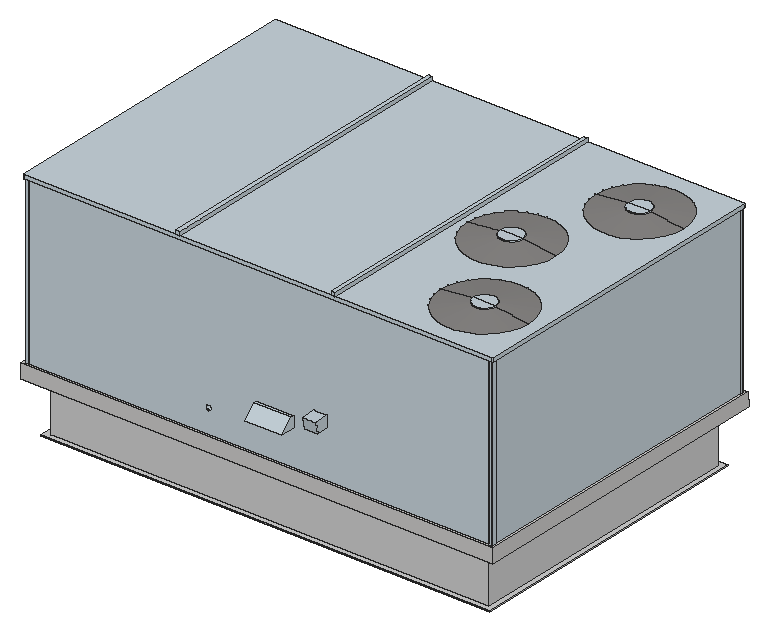
Revit family "AHU-Rooftop-Carrier-Cooling with Gas Heat-15-28 ton ss", category Mechanical Equipment, Revit 2012 (continued)
Dimensions and locks (in)
  "Grille 2 X Offset": plane 28 "base left" to plane 42 "grille 2 Y cl"
  "Grille 1 Y Offset": plane 43 "grille 1 X cl" to plane 27 "base front"
  "Grille 2 Y Offset": plane 44 "grille 2 X cl" to plane 27 "base front"
  locked: plane 38 "Top" to plane 45 "grille cover bottom" at 0.125
  "Grille Cover Radius": Revolve 7 sketch curve to Revolve 7 sketch curve
  "Grille Radius": Revolve 7 sketch curve to Revolve 7 sketch curve
  "Grille Cover Radius": Revolve 8 sketch curve to Revolve 8 sketch curve
  "Grille Radius": Revolve 8 sketch curve to Revolve 8 sketch curve
  "Grille 3 Y Offset": plane 46 "grille 3 X cl" to plane 27 "base front"
  "Grille 4 Y Offset": plane 47 "grille 4 X cl" to plane 27 "base front"
  "Grille 5 Y Offset": plane 48 "grille 5 X cl" to plane 27 "base front"
  "Grille 6 Y Offset": plane 49 "grille 6 X cl" to plane 27 "base front"
  "Grille 3 X Offset": plane 28 "base left" to plane 50 "grille 3 Y cl"
  "Grille 4 X Offset": plane 28 "base left" to plane 51 "grille 4 Y cl"
  "Grille 5 X Offset": plane 28 "base left" to plane 52 "grille 5 Y cl"
  "Grille 6 X Offset": plane 28 "base left" to plane 53 "grille 6 Y cl"
  "Grille Cover Radius": Revolve 9 sketch curve to Revolve 9 sketch curve
  "Grille Radius": Revolve 9 sketch curve to Revolve 9 sketch curve
  "Grille Cover Radius": Revolve 10 sketch curve to Revolve 10 sketch curve
  "Grille Radius": Revolve 10 sketch curve to Revolve 10 sketch curve
  "Grille Cover Radius": Revolve 11 sketch curve to Revolve 11 sketch curve
  "Grille Radius": Revolve 11 sketch curve to Revolve 11 sketch curve
  "Grille Cover Radius": Revolve 12 sketch curve to Revolve 12 sketch curve
  "Grille Radius": Revolve 12 sketch curve to Revolve 12 sketch curve
  "Curb SA X Offset": plane 54 "curb SA right" to plane 16 "curb right inside"
  "Curb RA X Offset": plane 55 "curb RA right" to plane 16 "curb right inside"
  "Curb SA Y Offset": plane 56 "curb SA front" to plane 18 "curb front inside"
  "Curb RA Y Offset": plane 17 "curb back inside" to plane 57 "curb RA back"
  equal spacing: plane 59, plane 58 "lid sopport 1cl", plane 60
  "Frame Width": plane 59 to plane 60
  "Length 3": plane 28 "base left" to plane 58 "lid sopport 1cl"
  locked: plane 61 to plane 32 "unti back" at 0.25
  locked: plane 62 to plane 33 "unit front" at 0.25
  "Length 4": plane 63 "lid support 2 cl" to plane 58 "lid sopport 1cl"
  equal spacing: plane 65, plane 63 "lid support 2 cl", plane 64
  "Frame Width": plane 65 to plane 64
  locked: plane 33 "unit front" to plane 67 at 0.25
  locked: plane 66 to plane 32 "unti back" at 0.25
  "Economizer Width Label": plane 70 "economizer back" to plane 37 "unit panel back"
  "Economizer X Offset": plane 68 "economizer right" to plane 31 "unit right"
  "Economizer Length Label": plane 69 "economizer left" to plane 68 "economizer right"
  "Economizer Z Offset Label": plane 71 "economizer top" to plane 14 "base bottom"
  "Economizer Length V": plane 74 "eco back" to plane 73 "eco front"
  "Economizer Y Offset": plane 73 "eco front" to plane 27 "base front"
  "Economizer Width V": plane 75 to plane 34 "unit left panel"
  locked: Extrusion 16 sketch curve to Extrusion 16 sketch curve at 2.5
  "Economizer Height Label": plane 76 "economizer mid" to plane 14 "base bottom"
  locked: Extrusion 15 sketch curve to Extrusion 15 sketch curve at 0.5
  locked: Extrusion 15 sketch curve to Extrusion 15 sketch curve at 3
  equal spacing: plane 79, plane 77 "lid support 3 cl", plane 78
  "Frame Width": plane 79 to plane 78
  "Length 5": plane 77 "lid support 3 cl" to plane 63 "lid support 2 cl"
  locked: plane 33 "unit front" to plane 81 at 0.25
  locked: plane 80 to plane 32 "unti back" at 0.25
  "SA X Offset Label": plane 83 "SA x" to plane 29 "base right"
  "SA Y Offset Label": plane 82 "SA y" to plane 27 "base front"
  "Length 7": plane 84 "SA bottom" to plane 14 "base bottom"
  "RA Y Offset Label": plane 86 "RA y" to plane 27 "base front"
  "RA X Offset Label": plane 85 "RA x" to plane 29 "base right"
  "Length 8": plane 87 "RA bottom" to plane 14 "base bottom"
  "Power Exhaust Offset": plane 26 "base back" to plane 90 "PE back"
  "Power Exhaust Height": plane 88 "PE top" to plane 89 "PE Bottom"
  locked: plane 89 "PE Bottom" to plane 25 "base top" at 1
  "Power Exhaust Length": plane 90 "PE back" to plane 91 "PE front"
  "Power Exhaust Width": plane 92 "PE left" to plane 28 "base left"
  "Drain Y Offset Label": plane 94 "drain y" to plane 27 "base front"
  "Drain Z Offset Label": plane 95 "drain cl" to plane 14 "base bottom"
  "Drain X Offset Label": plane 93 "drain x" to plane 29 "base right"
  locked: curve 1 to curve 1 at 5
  locked: curve 2 to curve 2 at 5.125
  "Drain Knockout Radius": curve 3 to curve 3
  locked: Extrusion 19 sketch curve to curve 3 at 0
  Extrusion 19 sketch curve to curve 3 = 0"
  "Power Z Offset": plane 96 "power cl horz" to plane 14 "base bottom"
  "Control Z Offset": plane 97 "control cl horz" to plane 14 "base bottom"
  "Control Y Offset": plane 98 "control cl vert" to plane 27 "base front"
  "Power Y Offset": plane 99 "power cl vert" to plane 27 "base front"
  "Length 9": plane 100 "seam L 1" to plane 27 "base front"
  equal spacing: plane 103, plane 101 "seam front 1", plane 102
  "Frame Width": plane 103 to plane 102
  "Length 10": plane 101 "seam front 1" to plane 28 "base left"
  equal spacing: plane 106, plane 104 "seam front 2", plane 105
  "Frame Width": plane 106 to plane 105
  "Length 11": plane 101 "seam front 1" to plane 104 "seam front 2"
  equal spacing: plane 109, plane 107 "seam front 3", plane 108
  "Frame Width": plane 109 to plane 108
  "Length 11": plane 104 "seam front 2" to plane 107 "seam front 3"
  equal spacing: plane 112, plane 110 "seam back 1", plane 111
  "Frame Width": plane 112 to plane 111
  "Length 12": plane 101 "seam front 1" to plane 110 "seam back 1"
  equal spacing: plane 36 "unit front panel", plane 113 "seam right 1", plane 115 "seam right 2", plane 37 "unit panel back"
  locked: plane 114 to plane 113 "seam right 1" at 1
  locked: plane 113 "seam right 1" to plane 116 at 1
  locked: plane 117 to plane 115 "seam right 2" at 1
  locked: plane 115 "seam right 2" to plane 118 at 1
  equal spacing: plane 119, plane 100 "seam L 1", plane 120
  "Frame Width": plane 119 to plane 120
  locked: plane 76 "economizer mid" to plane 121 at 1
  "SA Y Offset H": Masking region 2 sketch curve to plane 27 "base front"
  "Supply Air Width H": Masking region 2 sketch curve to Masking region 2 sketch curve
  locked: Masking region 2 sketch curve to Masking region 2 sketch curve at 0.625
  locked: Masking region 3 sketch curve to Masking region 3 sketch curve at 0.625
  "Supply Air Width Label 2": Masking region 3 sketch curve to Masking region 3 sketch curve
  "SA X Offset Label": Masking region 3 sketch curve to plane 29 "base right"
  "Economizer Length Label": Masking region 4 sketch curve to Masking region 4 sketch curve
  "Economizer Width Label": plane 37 "unit panel back" to Masking region 4 sketch curve
  locked: plane 30 "unit left" to Masking region 6 sketch curve at 0.25
  locked: plane 31 "unit right" to Masking region 6 sketch curve at 0.25
  locked: curve 50 to plane 31 "unit right" at 1
  locked: plane 30 "unit left" to curve 49 at 1
  "Supply Air Height H": Masking region 11 sketch curve to Masking region 11 sketch curve
  locked: Masking region 11 sketch curve to Masking region 11 sketch curve at 0.625
  "SA Z Offset": Masking region 11 sketch curve to plane 14 "base bottom"
  locked: curve 53 to Masking region 12 at 0.5
  "Grille Cover Radius": plane 41 "grille 1 Y cl" to Masking region 14 sketch curve
  "Grille Cover Radius": Masking region 14 sketch curve to plane 41 "grille 1 Y cl"
  "Grille Radius": plane 41 "grille 1 Y cl" to Masking region 14 sketch curve
  "Grille Radius": Masking region 14 sketch curve to plane 41 "grille 1 Y cl"
  "Grille Cover Radius": Masking region 15 sketch curve to plane 42 "grille 2 Y cl"
  "Grille Cover Radius": plane 42 "grille 2 Y cl" to Masking region 15 sketch curve
  "Grille Radius": plane 42 "grille 2 Y cl" to Masking region 15 sketch curve
  "Grille Radius": Masking region 15 sketch curve to plane 42 "grille 2 Y cl"
  "Grille Cover Radius": Masking region 16 sketch curve to plane 50 "grille 3 Y cl"
  "Grille Cover Radius": plane 50 "grille 3 Y cl" to Masking region 16 sketch curve
  "Grille Radius": plane 50 "grille 3 Y cl" to Masking region 16 sketch curve
  "Grille Radius": Masking region 16 sketch curve to plane 50 "grille 3 Y cl"
  locked: curve 67 to plane 33 "unit front" at 1
  locked: plane 32 "unti back" to curve 66 at 1
  locked: Masking region 19 sketch curve to plane 32 "unti back" at 0.25
  locked: plane 33 "unit front" to Masking region 19 sketch curve at 0.25
  locked: Masking region 20 sketch curve to Masking region 20 sketch curve at 0.5
  locked: Masking region 20 sketch curve to Masking region 20 sketch curve at 3
  locked: curve 73 to curve 75 at 2.5
  "Grille Cover Radius": plane 43 "grille 1 X cl" to Masking region 21 sketch curve
  "Grille Cover Radius": Masking region 21 sketch curve to plane 43 "grille 1 X cl"
  "Grille Radius": Masking region 21 sketch curve to plane 43 "grille 1 X cl"
  "Grille Radius": plane 43 "grille 1 X cl" to Masking region 21 sketch curve
  "Grille Cover Radius": Masking region 22 sketch curve to plane 44 "grille 2 X cl"
  "Grille Cover Radius": plane 44 "grille 2 X cl" to Masking region 22 sketch curve
  "Grille Radius": Masking region 22 sketch curve to plane 44 "grille 2 X cl"
  "Grille Radius": plane 44 "grille 2 X cl" to Masking region 22 sketch curve
  "Grille Cover Radius": Masking region 23 sketch curve to plane 46 "grille 3 X cl"
  "Grille Cover Radius": plane 46 "grille 3 X cl" to Masking region 23 sketch curve
  "Grille Radius": Masking region 23 sketch curve to plane 46 "grille 3 X cl"
  "Grille Radius": plane 46 "grille 3 X cl" to Masking region 23 sketch curve
  "Grille Cover Radius": Masking region 24 sketch curve to plane 47 "grille 4 X cl"
  "Grille Cover Radius": plane 47 "grille 4 X cl" to Masking region 24 sketch curve
  "Grille Radius": Masking region 24 sketch curve to plane 47 "grille 4 X cl"
  "Grille Radius": plane 47 "grille 4 X cl" to Masking region 24 sketch curve
  "Grille Radius": Masking region 25 sketch curve to plane 49 "grille 6 X cl"
  "Grille Radius": plane 49 "grille 6 X cl" to Masking region 25 sketch curve
  "Grille Cover Radius": Masking region 25 sketch curve to plane 49 "grille 6 X cl"
  "Grille Cover Radius": plane 49 "grille 6 X cl" to Masking region 25 sketch curve
  locked: Masking region 26 sketch curve to plane 32 "unti back" at 0.25
  locked: plane 33 "unit front" to Masking region 26 sketch curve at 0.25
  locked: Masking region 27 sketch curve to plane 32 "unti back" at 0.25
  locked: plane 33 "unit front" to Masking region 27 sketch curve at 0.25
  locked: Masking region 30 sketch curve to Masking region 30 sketch curve at 0.125
  locked: Masking region 30 sketch curve to plane 57 "curb RA back" at 0.125
  locked: plane 18 "curb front inside" to Masking region 30 sketch curve at 0.125
  locked: plane 13 "Curb Bottom" to Masking region 30 sketch curve at 0.125
  "Drain Y Offset H": plane 27 "base front" to curve 95
  "Drain X Offset": curve 96 to plane 29 "base right"
  "Drain Y Offset V": curve 96 to plane 27 "base front"
  "Supply Air Height H": curve 99 to curve 97
  "Supply Air Width H": curve 98 to curve 100
  "SA Z Offset": curve 99 to plane 14 "base bottom"
  "SA Y Offset H": plane 27 "base front" to curve 98
  "Drain X Offset": curve 101 to plane 28 "base left"
  "Drain Z Offset": plane 14 "base bottom" to curve 101
  "Supply Air Width H": curve 103 to curve 105
  "Supply Air Height H": curve 104 to curve 102
  "SA Z Offset": plane 14 "base bottom" to curve 104
  "SA X Offset H": curve 105 to plane 28 "base left"
  locked: curve 114 to curve 115 at 0.5
  locked: Masking region 31 sketch curve to Masking region 31 sketch curve at 0.625
  "Supply Air Height H": Masking region 31 sketch curve to Masking region 31 sketch curve
  "SA Z Offset": Masking region 31 sketch curve to plane 14 "base bottom"
  "Supply Air Height Label": curve 116 to curve 116
  "Supply Air Height Label": curve 117 to curve 117
  "Length 6": Extrusion 23 sketch curve to Extrusion 23 sketch curve
  curve 117 to curve 116 = 0"
  "Return Air Height Label": curve 118 to curve 118
  "Return Air Height Label": curve 119 to curve 119
  "Length 6": Extrusion 24 sketch curve to Extrusion 24 sketch curve
  curve 119 to curve 118 = 0"
  locked: Masking region 32 sketch curve to Masking region 32 sketch curve at 0.625
  "Return Air Height Label": Masking region 32 sketch curve to Masking region 32 sketch curve
  "RA Z Offset": Masking region 32 sketch curve to plane 14 "base bottom"
  locked: Masking region 33 sketch curve to Masking region 33 sketch curve at 0.625
  "Return Air Height H": Masking region 33 sketch curve to Masking region 33 sketch curve
  "RA Z Offset": Masking region 33 sketch curve to plane 14 "base bottom"
  locked: Masking region 34 sketch curve to Masking region 34 sketch curve at 0.625
  "Return Air Height H": Masking region 34 sketch curve to Masking region 34 sketch curve
  "RA Z Offset": Masking region 34 sketch curve to plane 14 "base bottom"
  "Return Air Height H": curve 122 to curve 120
  "Return Air Width H": curve 121 to curve 123
  "RA Z Offset": curve 122 to plane 14 "base bottom"
  "RA Y Offset Label": plane 27 "base front" to curve 121
  "Return Air Height H": curve 126 to curve 124
  "Return Air Width H": curve 127 to curve 125
  "RA Z Offset": plane 14 "base bottom" to curve 126
  "RA X Offset H": curve 127 to plane 28 "base left"
  "Clearance Left": plane 124 "clearance left" to plane 132 "fake base left"
  "Clearance Right": plane 130 "fake base right" to plane 125 "clearance right"
  "Clearance Front": plane 131 "fake base front" to plane 123 "clearance front"
  "Clearance Back": plane 122 "clearance back" to plane 129 "fake base back"
  "Gas X Offset": plane 28 "base left" to plane 126 "gas cl x"
  "Gas Y Offset Label": plane 127 "gas cl y" to plane 27 "base front"
  "Gas Z Offset Label": plane 128 "gas cl z" to plane 14 "base bottom"
  "Gas Knockout Radius": curve 128 to curve 128
  locked: curve 128 to Extrusion 26 sketch curve
  "Return Air Width Label": Masking region 35 sketch curve to Masking region 35 sketch curve
  locked: Masking region 35 sketch curve to Masking region 35 sketch curve at 0.625
  "RA Y Offset H": Masking region 35 sketch curve to plane 27 "base front"
  locked: plane 31 "unit right" to Masking region 35 sketch curve at 0.25
  locked: Masking region 36 sketch curve to Masking region 36 sketch curve at 0.625
  locked: Masking region 36 sketch curve to plane 32 "unti back" at 0.25
  "Return Air Width H": Masking region 36 sketch curve to Masking region 36 sketch curve
  "RA X Offset H": plane 28 "base left" to Masking region 36 sketch curve
  locked: plane 133 "flue hood left" to plane 134 "flue hood right" at 3.5
  "Length 14": plane 134 "flue hood right" to plane 58 "lid sopport 1cl"
  locked: plane 136 "flue hood top" to plane 135 "flue hood bottom" at 3
  "Supply Air Height H": plane 136 "flue hood top" to plane 25 "base top"
  locked: Extrusion 27 sketch curve to Extrusion 27 sketch curve at 4
  locked: Extrusion 27 sketch curve to Extrusion 27 sketch curve at 3.25
  locked: Masking region 38 sketch curve to plane 33 "unit front" at 0.25
  plane 137 "intake hood left" to plane 139 "intake hood center" to plane 138 = 5" locked, 5" locked
  "Length 15": plane 139 "intake hood center" to plane 58 "lid sopport 1cl"
  locked: plane 135 "flue hood bottom" to plane 140 at 0.25
  locked: plane 140 to plane 141 at 3
  Extrusion 28 sketch curve to Extrusion 28 sketch curve = 4"
  Extrusion 28 sketch curve to Extrusion 28 sketch curve = 1"
  radius of Extrusion 4 sketch curve = 1/4"  (x4)
  "Length 2": radius of Extrusion 5 sketch curve  (x4)
  "Drain Knockout Radius": radius of Extrusion 19 sketch curve
  "Power Knockout Radius": radius of Extrusion 20 sketch curve
  "Control Knockout Radius": radius of Extrusion 20 sketch curve
  "Grille Radius": radius of curve 21
  "Grille Cover Radius": radius of curve 22
  "Grille Radius": radius of curve 23
  "Grille Cover Radius": radius of curve 24
  "Grille Radius": radius of curve 25
  "Grille Cover Radius": radius of curve 26
  "Grille Radius": radius of curve 27
  "Grille Cover Radius": radius of curve 28
  "Grille Radius": radius of curve 29
  "Grille Cover Radius": radius of curve 30
  "Grille Radius": radius of curve 31
  "Grille Cover Radius": radius of curve 32
  "Control Knockout Radius": radius of curve 68
  "Power Knockout Radius": radius of curve 69
  "Drain Knockout Radius": radius of curve 95
  "Drain Knockout Radius": radius of curve 96
  "Drain Knockout Radius": radius of curve 101
  "Gas Knockout Radius": radius of Extrusion 26 sketch curve
  "Gas Knockout Radius": radius of curve 129
  "Angle 1": angle plane 72 "economizer bottom" to Extrusion 15 sketch curve
  locked: Extrusion 15 sketch curve to Extrusion 15 sketch curve (angle 90.00°)
  "Angle 2": angle Extrusion 15 sketch curve to Extrusion 15 sketch curve
  locked: Extrusion 18 sketch curve to Extrusion 18 sketch curve (angle 65.00°)
  "Angle 7": angle plane 94 "drain y" to curve 1
  locked: curve 1 to curve 2 (angle 90.00°)
  "Angle 8": angle curve 3 to curve 2
  "Angle 1": angle Masking region 20 sketch curve to plane 72 "economizer bottom"
  "Angle 2": angle Masking region 20 sketch curve to Masking region 20 sketch curve
  "Angle 3": angle plane 83 "SA x" to curve 116
  "Angle 4": angle curve 116 to curve 117
  "Angle 5": angle plane 85 "RA x" to curve 118
  "Angle 6": angle curve 118 to curve 119
  "Angle 9": angle plane 128 "gas cl z" to curve 128
  aligned and locked: level to plane 2
  aligned and locked: level to plane 12 "Bottom"
  aligned and locked: plane 6 "Curb Left" to Extrusion 1 sketch curve
  aligned and locked: plane 5 "Curb Front" to Extrusion 1 sketch curve
  aligned and locked: Extrusion 1 sketch curve to plane 7 "Curb Right"
  aligned and locked: Extrusion 1 sketch curve to plane 4 "Curb Back"
  aligned and locked: plane 13 "Curb Bottom" to Extrusion 1
  aligned and locked: plane 14 "base bottom" to Extrusion 1
  aligned and locked: plane 6 "Curb Left" to Extrusion 2 sketch curve
  aligned and locked: Extrusion 2 sketch curve to plane 4 "Curb Back"
  aligned and locked: Extrusion 2 sketch curve to plane 7 "Curb Right"
  aligned and locked: plane 5 "Curb Front" to Extrusion 2 sketch curve
  aligned and locked: plane 19 "curb bottom lip top" to Extrusion 2
  aligned and locked: Extrusion 2 to plane 20 "curb top lip bottom"
  aligned and locked: Extrusion 1 sketch curve to plane 21 "curb SA back"
  aligned and locked: Extrusion 1 sketch curve to plane 22 "curb SA left"
  aligned and locked: plane 23 "curb RA front" to Extrusion 1 sketch curve
  aligned and locked: Extrusion 1 sketch curve to plane 24 "curb RA left"
  aligned and locked: plane 28 "base left" to Extrusion 3 sketch curve
  aligned and locked: Extrusion 3 sketch curve to plane 29 "base right"
  aligned and locked: plane 14 "base bottom" to Extrusion 3 sketch curve
  aligned and locked: Extrusion 3 sketch curve to plane 25 "base top"
  aligned and locked: Extrusion 3 to plane 27 "base front"
  aligned and locked: plane 26 "base back" to Extrusion 3
  aligned and locked: plane 30 "unit left" to Extrusion 4 sketch curve  (x2)
  aligned and locked: Extrusion 4 sketch curve to plane 32 "unti back"  (x2)
  aligned and locked: Extrusion 4 sketch curve to plane 33 "unit front"  (x2)
  aligned and locked: plane 31 "unit right" to Extrusion 4 sketch curve  (x2)
  aligned and locked: Extrusion 4 to plane 25 "base top"
  aligned and locked: plane 40 "lid bottom" to Extrusion 4
  aligned and locked: plane 39 "lid top" to Extrusion 5
  aligned and locked: Extrusion 5 to plane 40 "lid bottom"
  aligned and locked: plane 34 "unit left panel" to Extrusion 6 sketch curve
  aligned and locked: Extrusion 6 sketch curve to plane 37 "unit panel back"
  aligned and locked: plane 35 "unit right panel" to Extrusion 6 sketch curve
  aligned and locked: Extrusion 6 sketch curve to plane 36 "unit front panel"
  aligned and locked: Extrusion 6 sketch curve to Extrusion 6 sketch curve  (x4)
  aligned and locked: Extrusion 6 to plane 25 "base top"
  aligned and locked: plane 40 "lid bottom" to Extrusion 6
  aligned and locked: Revolve 7 sketch curve to plane 41 "grille 1 Y cl"
  aligned and locked: plane 45 "grille cover bottom" to Revolve 7 sketch curve
  aligned and locked: Revolve 7 sketch curve to plane 38 "Top"
  aligned and locked: Revolve 7 sketch curve to Revolve 7 sketch curve
  aligned and locked: Revolve 7 sketch curve to plane 39 "lid top"
  aligned and locked: Revolve 8 sketch curve to Revolve 8 sketch curve
  aligned and locked: Revolve 8 sketch curve to plane 42 "grille 2 Y cl"
  aligned and locked: Revolve 9 sketch curve to Revolve 9 sketch curve
  aligned and locked: Revolve 9 sketch curve to plane 50 "grille 3 Y cl"
  aligned and locked: Revolve 10 sketch curve to Revolve 10 sketch curve
  aligned and locked: Revolve 10 sketch curve to plane 51 "grille 4 Y cl"
  aligned and locked: Revolve 11 sketch curve to Revolve 11 sketch curve
  aligned and locked: Revolve 11 sketch curve to plane 52 "grille 5 Y cl"
  aligned and locked: Revolve 12 sketch curve to Revolve 12 sketch curve
  aligned and locked: Revolve 12 sketch curve to plane 53 "grille 6 Y cl"
  aligned and locked: plane 56 "curb SA front" to Extrusion 1 sketch curve
  aligned and locked: Extrusion 1 sketch curve to plane 57 "curb RA back"
  aligned and locked: plane 55 "curb RA right" to Extrusion 1 sketch curve
  aligned and locked: plane 54 "curb SA right" to Extrusion 1 sketch curve
  aligned and locked: Extrusion 13 sketch curve to plane 62
  aligned and locked: plane 61 to Extrusion 13 sketch curve
  aligned and locked: Extrusion 13 sketch curve to plane 59
  aligned and locked: Extrusion 13 sketch curve to plane 60
  aligned and locked: Extrusion 13 to plane 39 "lid top"
  aligned and locked: plane 45 "grille cover bottom" to Extrusion 13
  aligned and locked: Extrusion 14 sketch curve to plane 67
  aligned and locked: plane 66 to Extrusion 14 sketch curve
  aligned and locked: Extrusion 14 sketch curve to plane 65
  aligned and locked: Extrusion 14 sketch curve to plane 64
  aligned and locked: Extrusion 14 to plane 39 "lid top"
  aligned and locked: plane 45 "grille cover bottom" to Extrusion 14
  aligned and locked: plane 71 "economizer top" to Extrusion 15 sketch curve
  aligned and locked: plane 72 "economizer bottom" to Extrusion 15 sketch curve
  aligned and locked: Extrusion 15 sketch curve to plane 37 "unit panel back"
  aligned and locked: Extrusion 15 to plane 68 "economizer right"
  aligned and locked: Extrusion 15 to plane 69 "economizer left"
  aligned and locked: plane 71 "economizer top" to Extrusion 16 sketch curve
  aligned and locked: Extrusion 16 sketch curve to plane 34 "unit left panel"
  aligned and locked: Extrusion 16 sketch curve to plane 75
  aligned and locked: plane 74 "eco back" to Extrusion 16
  aligned and locked: Extrusion 16 to plane 73 "eco front"
  aligned and locked: plane 25 "base top" to plane 72 "economizer bottom"
  aligned and locked: plane 70 "economizer back" to Extrusion 15 sketch curve
  aligned and locked: plane 76 "economizer mid" to Extrusion 15 sketch curve
  aligned and locked: plane 76 "economizer mid" to Extrusion 16 sketch curve
  aligned and locked: plane 81 to Extrusion 17 sketch curve
  aligned and locked: Extrusion 17 sketch curve to plane 80
  aligned and locked: Extrusion 17 sketch curve to plane 79
  aligned and locked: Extrusion 17 sketch curve to plane 78
  aligned and locked: Extrusion 17 to plane 39 "lid top"
  aligned and locked: plane 45 "grille cover bottom" to Extrusion 17
  aligned and locked: Extrusion 18 sketch curve to plane 89 "PE Bottom"
  aligned and locked: Extrusion 18 sketch curve to plane 88 "PE top"
  aligned and locked: Extrusion 18 sketch curve to plane 34 "unit left panel"
  aligned and locked: plane 92 "PE left" to Extrusion 18 sketch curve
  aligned and locked: Extrusion 18 to plane 90 "PE back"
  aligned and locked: plane 91 "PE front" to Extrusion 18
  aligned and locked: plane 93 "drain x" to curve 1
  aligned and locked: plane 94 "drain y" to curve 1
  aligned and locked: curve 2 to curve 1  (x2)
  aligned and locked: curve 3 to curve 2
  aligned and locked: curve 2 to curve 3
  aligned and locked: plane 96 "power cl horz" to Extrusion 20 sketch curve
  aligned and locked: plane 99 "power cl vert" to Extrusion 20 sketch curve
  aligned and locked: plane 98 "control cl vert" to Extrusion 20 sketch curve
  aligned and locked: plane 97 "control cl horz" to Extrusion 20 sketch curve
  aligned and locked: plane 40 "lid bottom" to curve 4
  aligned and locked: plane 25 "base top" to curve 4
  aligned and locked: curve 6 to plane 103
  aligned and locked: curve 5 to plane 102
  aligned and locked: plane 25 "base top" to curve 5
  aligned and locked: plane 25 "base top" to curve 6
  aligned and locked: plane 40 "lid bottom" to curve 5
  aligned and locked: plane 40 "lid bottom" to curve 6
  aligned and locked: plane 40 "lid bottom" to curve 8
  aligned and locked: plane 40 "lid bottom" to curve 7
  aligned and locked: plane 25 "base top" to curve 8
  aligned and locked: plane 25 "base top" to curve 7
  aligned and locked: curve 8 to curve 6
  aligned and locked: curve 7 to curve 5
  aligned and locked: plane 25 "base top" to curve 9
  aligned and locked: plane 25 "base top" to curve 10
  aligned and locked: plane 40 "lid bottom" to curve 10
  aligned and locked: plane 40 "lid bottom" to curve 9
  aligned and locked: plane 40 "lid bottom" to curve 12
  aligned and locked: plane 40 "lid bottom" to curve 11
  aligned and locked: plane 25 "base top" to curve 12
  aligned and locked: plane 25 "base top" to curve 11
  aligned and locked: curve 10 to plane 106
  aligned and locked: curve 9 to plane 105
  aligned and locked: curve 13 to plane 108
  aligned and locked: curve 14 to plane 109
  aligned and locked: plane 40 "lid bottom" to curve 14
  aligned and locked: plane 40 "lid bottom" to curve 13
  aligned and locked: plane 25 "base top" to curve 14
  aligned and locked: plane 25 "base top" to curve 13
  aligned and locked: curve 11 to plane 111
  aligned and locked: curve 12 to plane 112
  aligned and locked: plane 114 to curve 15
  aligned and locked: plane 116 to curve 16
  aligned and locked: plane 117 to curve 17
  aligned and locked: plane 118 to curve 18
  aligned and locked: plane 25 "base top" to curve 18
  aligned and locked: plane 25 "base top" to curve 17
  aligned and locked: plane 25 "base top" to curve 16
  aligned and locked: plane 25 "base top" to curve 15
  aligned and locked: plane 40 "lid bottom" to curve 18
  aligned and locked: plane 40 "lid bottom" to curve 17
  aligned and locked: plane 40 "lid bottom" to curve 16
  aligned and locked: plane 40 "lid bottom" to curve 15
  aligned and locked: plane 119 to curve 4
  aligned and locked: plane 120 to curve 19
  aligned and locked: plane 40 "lid bottom" to curve 19
  aligned and locked: plane 25 "base top" to curve 19
  aligned and locked: plane 121 to curve 20
  aligned and locked: Extrusion 4 to curve 20
  aligned and locked: curve 20 to plane 119
  aligned and locked: plane 27 "base front" to Masking region 1 sketch curve
  aligned and locked: Masking region 1 sketch curve to plane 29 "base right"
  aligned and locked: Masking region 1 sketch curve to plane 26 "base back"
  aligned and locked: plane 28 "base left" to Masking region 1 sketch curve
  aligned and locked: curve 22 to plane 43 "grille 1 X cl"
  aligned and locked: curve 22 to plane 41 "grille 1 Y cl"
  aligned and locked: curve 21 to plane 43 "grille 1 X cl"
  aligned and locked: curve 21 to plane 41 "grille 1 Y cl"
  aligned and locked: curve 24 to plane 44 "grille 2 X cl"
  aligned and locked: curve 24 to plane 42 "grille 2 Y cl"
  aligned and locked: curve 23 to plane 42 "grille 2 Y cl"
  aligned and locked: curve 23 to plane 44 "grille 2 X cl"
  aligned and locked: curve 26 to plane 50 "grille 3 Y cl"
  aligned and locked: curve 25 to plane 50 "grille 3 Y cl"
  aligned and locked: curve 26 to plane 46 "grille 3 X cl"
  aligned and locked: curve 25 to plane 46 "grille 3 X cl"
  aligned and locked: curve 28 to plane 51 "grille 4 Y cl"
  aligned and locked: curve 27 to plane 51 "grille 4 Y cl"
  aligned and locked: curve 28 to plane 47 "grille 4 X cl"
  aligned and locked: curve 27 to plane 47 "grille 4 X cl"
  aligned and locked: curve 30 to plane 52 "grille 5 Y cl"
  aligned and locked: curve 29 to plane 52 "grille 5 Y cl"
  aligned and locked: curve 30 to plane 48 "grille 5 X cl"
  aligned and locked: curve 29 to plane 48 "grille 5 X cl"
  aligned and locked: curve 32 to plane 53 "grille 6 Y cl"
  aligned and locked: curve 31 to plane 53 "grille 6 Y cl"
  aligned and locked: curve 32 to plane 49 "grille 6 X cl"
  aligned and locked: curve 31 to plane 49 "grille 6 X cl"
  aligned and locked: curve 34 to Extrusion 5
  aligned and locked: curve 36 to Extrusion 5
  aligned and locked: curve 38 to Extrusion 5
  aligned and locked: curve 40 to Extrusion 5
  aligned and locked: curve 42 to plane 60
  aligned and locked: curve 43 to plane 65
  aligned and locked: curve 44 to plane 64
  aligned and locked: curve 46 to plane 78
  aligned and locked: curve 45 to plane 79
  aligned and locked: Extrusion 5 to Masking region 2 sketch curve
  aligned and locked: Extrusion 5 to Masking region 3 sketch curve
  aligned and locked: Extrusion 5 to Masking region 4 sketch curve
  aligned and locked: Masking region 4 sketch curve to plane 69 "economizer left"
  aligned and locked: Masking region 5 sketch curve to plane 75
  aligned and locked: Masking region 5 sketch curve to plane 74 "eco back"
  aligned and locked: plane 73 "eco front" to Masking region 5 sketch curve
  aligned and locked: Extrusion 5 to Masking region 5 sketch curve
  aligned and locked: Masking region 6 sketch curve to Masking region 6 sketch curve  (x2)
  aligned and locked: Masking region 6 sketch curve to plane 39 "lid top"
  aligned and locked: plane 40 "lid bottom" to Masking region 6 sketch curve
  aligned and locked: plane 30 "unit left" to Masking region 6 sketch curve
  aligned and locked: Masking region 6 sketch curve to plane 25 "base top"
  aligned and locked: plane 28 "base left" to Masking region 6 sketch curve
  aligned and locked: plane 14 "base bottom" to Masking region 6 sketch curve
  aligned and locked: plane 31 "unit right" to Masking region 6 sketch curve
  aligned and locked: Masking region 6 sketch curve to plane 29 "base right"
  aligned and locked: Masking region 6 to curve 47  (x2)
  aligned and locked: curve 47 to Masking region 6
  aligned and locked: Masking region 6 to curve 48  (x2)
  aligned and locked: curve 48 to Masking region 6
  aligned and locked: curve 47 to curve 49
  aligned and locked: curve 48 to curve 50
  aligned and locked: Masking region 7 sketch curve to plane 13 "Curb Bottom"
  aligned and locked: Masking region 7 sketch curve to plane 7 "Curb Right"  (x2)
  aligned and locked: plane 19 "curb bottom lip top" to Masking region 7 sketch curve  (x2)
  aligned and locked: cut or joined group of Extrusion 1, Extrusion 2 to Masking region 7 sketch curve
  aligned and locked: Masking region 7 sketch curve to plane 20 "curb top lip bottom"
  aligned and locked: Masking region 7 sketch curve to plane 14 "base bottom"
  aligned and locked: Masking region 7 sketch curve to plane 6 "Curb Left"  (x2)
  aligned and locked: Masking region 7 sketch curve to cut or joined group of Extrusion 1, Extrusion 2
  aligned and locked: plane 20 "curb top lip bottom" to Masking region 7 sketch curve
  aligned and locked: Masking region 7 to curve 51  (x2)
  aligned and locked: Masking region 7 to curve 52  (x3)
  aligned and locked: curve 51 to Masking region 7
  aligned and locked: Masking region 8 sketch curve to plane 60
  aligned and locked: plane 59 to Masking region 8 sketch curve
  aligned and locked: plane 39 "lid top" to Masking region 8 sketch curve
  aligned and locked: Masking region 8 sketch curve to plane 45 "grille cover bottom"
  aligned and locked: plane 39 "lid top" to Masking region 9 sketch curve
  aligned and locked: Masking region 9 sketch curve to plane 45 "grille cover bottom"
  aligned and locked: plane 65 to Masking region 9 sketch curve
  aligned and locked: Masking region 9 sketch curve to plane 64
  aligned and locked: Masking region 10 sketch curve to plane 45 "grille cover bottom"
  aligned and locked: Masking region 10 sketch curve to plane 78
  aligned and locked: plane 39 "lid top" to Masking region 10 sketch curve
  aligned and locked: plane 79 to Masking region 10 sketch curve
  aligned and locked: Masking region 11 sketch curve to plane 31 "unit right"
  aligned and locked: Extrusion 18 to Masking region 12 sketch curve
  aligned and locked: Masking region 12 sketch curve to Extrusion 18
  aligned and locked: Masking region 12 sketch curve to plane 30 "unit left"
  aligned and locked: Masking region 12 to curve 53  (x2)
  aligned and locked: Extrusion 16 to Masking region 13 sketch curve
  aligned and locked: Masking region 13 sketch curve to Extrusion 16  (x2)
  aligned and locked: Masking region 13 sketch curve to plane 30 "unit left"
  aligned and locked: Masking region 13 to curve 54  (x2)
  aligned and locked: curve 54 to Masking region 13
  aligned and locked: curve 13 to curve 55
  aligned and locked: curve 14 to curve 56
  aligned and locked: plane 40 "lid bottom" to curve 55
  aligned and locked: plane 40 "lid bottom" to curve 56
  aligned and locked: curve 9 to curve 57
  aligned and locked: curve 10 to curve 58
  aligned and locked: plane 40 "lid bottom" to curve 57
  aligned and locked: plane 40 "lid bottom" to curve 58
  aligned and locked: plane 25 "base top" to curve 58
  aligned and locked: plane 25 "base top" to curve 56
  aligned and locked: plane 25 "base top" to curve 55
  aligned and locked: curve 5 to curve 59
  aligned and locked: curve 6 to curve 60
  aligned and locked: plane 40 "lid bottom" to curve 59
  aligned and locked: plane 40 "lid bottom" to curve 60
  aligned and locked: plane 25 "base top" to curve 60
  aligned and locked: plane 25 "base top" to curve 59
  aligned and locked: plane 45 "grille cover bottom" to Masking region 14 sketch curve  (x2)
  aligned and locked: Masking region 14 sketch curve to plane 38 "Top"
  aligned and locked: Masking region 14 sketch curve to plane 39 "lid top"
  aligned and locked: Masking region 15 sketch curve to plane 38 "Top"
  aligned and locked: plane 45 "grille cover bottom" to Masking region 15 sketch curve  (x2)
  aligned and locked: Masking region 15 sketch curve to plane 39 "lid top"
  aligned and locked: Masking region 14 to curve 61  (x2)
  aligned and locked: curve 61 to Masking region 14
  aligned and locked: Masking region 15 to curve 62  (x2)
  aligned and locked: curve 62 to Masking region 15
  aligned and locked: Masking region 16 sketch curve to plane 38 "Top"
  aligned and locked: plane 45 "grille cover bottom" to Masking region 16 sketch curve  (x2)
  aligned and locked: Masking region 16 sketch curve to plane 39 "lid top"
  aligned and locked: curve 63 to Masking region 16  (x2)
  aligned and locked: Masking region 16 to curve 63
  aligned and locked: Extrusion 21 sketch curve to plane 39 "lid top"
  aligned and locked: plane 28 "base left" to Extrusion 21 sketch curve
  aligned and locked: plane 14 "base bottom" to Extrusion 21 sketch curve
  aligned and locked: Extrusion 21 sketch curve to plane 29 "base right"
  aligned and locked: plane 26 "base back" to Extrusion 21
  aligned and locked: Extrusion 21 to plane 27 "base front"
  aligned and locked: plane 6 "Curb Left" to Extrusion 22 sketch curve
  aligned and locked: Extrusion 22 sketch curve to plane 13 "Curb Bottom"
  aligned and locked: Extrusion 22 sketch curve to plane 14 "base bottom"
  aligned and locked: Extrusion 22 sketch curve to plane 7 "Curb Right"
  aligned and locked: Extrusion 22 to plane 5 "Curb Front"
  aligned and locked: plane 4 "Curb Back" to Extrusion 22
  aligned and locked: Masking region 17 sketch curve to plane 13 "Curb Bottom"
  aligned and locked: Masking region 17 sketch curve to plane 7 "Curb Right"
  aligned and locked: Masking region 17 sketch curve to plane 14 "base bottom"
  aligned and locked: plane 6 "Curb Left" to Masking region 17 sketch curve
  aligned and locked: Masking region 18 sketch curve to plane 39 "lid top"
  aligned and locked: plane 28 "base left" to Masking region 18 sketch curve
  aligned and locked: plane 14 "base bottom" to Masking region 18 sketch curve
  aligned and locked: Masking region 18 sketch curve to plane 29 "base right"
  aligned and locked: Masking region 19 sketch curve to Masking region 19 sketch curve  (x2)
  aligned and locked: Masking region 19 sketch curve to plane 40 "lid bottom"
  aligned and locked: Masking region 19 sketch curve to plane 25 "base top"
  aligned and locked: Masking region 19 sketch curve to plane 26 "base back"
  aligned and locked: plane 14 "base bottom" to Masking region 19 sketch curve
  aligned and locked: plane 27 "base front" to Masking region 19 sketch curve
  aligned and locked: Masking region 19 sketch curve to plane 39 "lid top"
  aligned and locked: curve 64 to Masking region 19  (x2)
  aligned and locked: Masking region 19 to curve 64
  aligned and locked: Masking region 19 to curve 65  (x2)
  aligned and locked: curve 65 to Masking region 19
  aligned and locked: Masking region 19 to curve 66
  aligned and locked: curve 64 to curve 66
  aligned and locked: plane 97 "control cl horz" to curve 68
  aligned and locked: plane 98 "control cl vert" to curve 68
  aligned and locked: plane 96 "power cl horz" to curve 69
  aligned and locked: plane 99 "power cl vert" to curve 69
  aligned and locked: Masking region 19 sketch curve to plane 32 "unti back"
  aligned and locked: Masking region 19 sketch curve to plane 33 "unit front"
  aligned and locked: plane 72 "economizer bottom" to Masking region 20 sketch curve
  aligned and locked: plane 37 "unit panel back" to Masking region 20 sketch curve
  aligned and locked: plane 71 "economizer top" to Masking region 20 sketch curve
  aligned and locked: plane 70 "economizer back" to Masking region 20 sketch curve
  aligned and locked: plane 76 "economizer mid" to Masking region 20 sketch curve
  aligned and locked: Masking region 20 to curve 70  (x3)
  aligned and locked: curve 74 to Extrusion 16
  aligned and locked: curve 71 to Extrusion 16
  aligned and locked: curve 73 to Extrusion 16
  aligned and locked: curve 72 to Extrusion 16
  aligned and locked: curve 72 to curve 75
  aligned and locked: curve 74 to curve 75
  aligned and locked: curve 77 to Extrusion 18
  aligned and locked: curve 78 to Extrusion 18
  aligned and locked: curve 79 to Extrusion 18
  aligned and locked: curve 76 to Extrusion 18
  aligned and locked: curve 80 to Extrusion 18
  aligned and locked: curve 77 to curve 80
  aligned and locked: curve 79 to curve 80
  aligned and locked: plane 40 "lid bottom" to curve 82
  aligned and locked: plane 40 "lid bottom" to curve 81
  aligned and locked: plane 25 "base top" to curve 82
  aligned and locked: plane 25 "base top" to curve 81
  aligned and locked: plane 120 to curve 82
  aligned and locked: plane 119 to curve 81
  aligned and locked: curve 66 to curve 83
  aligned and locked: plane 121 to curve 83
  aligned and locked: plane 45 "grille cover bottom" to Masking region 21 sketch curve  (x2)
  aligned and locked: Masking region 21 sketch curve to plane 38 "Top"
  aligned and locked: Masking region 21 sketch curve to plane 39 "lid top"
  aligned and locked: curve 84 to Masking region 21  (x2)
  aligned and locked: Masking region 21 to curve 84
  aligned and locked: plane 45 "grille cover bottom" to Masking region 22 sketch curve  (x2)
  aligned and locked: Masking region 22 sketch curve to plane 38 "Top"
  aligned and locked: Masking region 22 sketch curve to plane 39 "lid top"
  aligned and locked: curve 85 to Masking region 22  (x2)
  aligned and locked: Masking region 22 to curve 85
  aligned and locked: plane 45 "grille cover bottom" to Masking region 23 sketch curve  (x2)
  aligned and locked: Masking region 23 sketch curve to plane 38 "Top"
  aligned and locked: Masking region 23 sketch curve to plane 39 "lid top"
  aligned and locked: curve 86 to Masking region 23  (x2)
  aligned and locked: Masking region 23 to curve 86
  aligned and locked: plane 45 "grille cover bottom" to Masking region 24 sketch curve  (x2)
  aligned and locked: Masking region 24 sketch curve to plane 38 "Top"
  aligned and locked: Masking region 24 sketch curve to plane 39 "lid top"
  aligned and locked: curve 87 to Masking region 24  (x2)
  aligned and locked: Masking region 24 to curve 87
  aligned and locked: plane 45 "grille cover bottom" to Masking region 25 sketch curve  (x2)
  aligned and locked: Masking region 25 sketch curve to plane 38 "Top"
  aligned and locked: Masking region 25 sketch curve to plane 39 "lid top"
  aligned and locked: curve 88 to Masking region 25  (x2)
  aligned and locked: Masking region 25 to curve 88
  aligned and locked: plane 39 "lid top" to Masking region 26 sketch curve
  aligned and locked: Masking region 26 sketch curve to plane 45 "grille cover bottom"
  aligned and locked: plane 39 "lid top" to Masking region 27 sketch curve
  aligned and locked: Masking region 27 sketch curve to plane 45 "grille cover bottom"
  aligned and locked: plane 14 "base bottom" to Masking region 28 sketch curve
  aligned and locked: Masking region 28 sketch curve to plane 26 "base back"
  aligned and locked: plane 27 "base front" to Masking region 28 sketch curve
  aligned and locked: Masking region 28 sketch curve to plane 39 "lid top"
  aligned and locked: Masking region 29 sketch curve to plane 13 "Curb Bottom"
  aligned and locked: Masking region 29 sketch curve to plane 14 "base bottom"
  aligned and locked: Masking region 29 sketch curve to plane 4 "Curb Back"
  aligned and locked: plane 5 "Curb Front" to Masking region 29 sketch curve
  aligned and locked: plane 13 "Curb Bottom" to Masking region 30 sketch curve
  aligned and locked: plane 4 "Curb Back" to Masking region 30 sketch curve  (x2)
  aligned and locked: plane 20 "curb top lip bottom" to Masking region 30 sketch curve
  aligned and locked: plane 14 "base bottom" to Masking region 30 sketch curve
  aligned and locked: plane 5 "Curb Front" to Masking region 30 sketch curve  (x2)
  aligned and locked: Masking region 30 sketch curve to plane 20 "curb top lip bottom"
  aligned and locked: Masking region 30 to curve 90  (x2)
  aligned and locked: Masking region 30 to curve 89  (x3)
  aligned and locked: curve 90 to Masking region 30
  aligned and locked: plane 114 to curve 91
  aligned and locked: plane 116 to curve 92
  aligned and locked: plane 117 to curve 93
  aligned and locked: plane 118 to curve 94
  aligned and locked: plane 25 "base top" to curve 92
  aligned and locked: plane 25 "base top" to curve 91
  aligned and locked: plane 25 "base top" to curve 94
  aligned and locked: plane 25 "base top" to curve 93
  aligned and locked: plane 40 "lid bottom" to curve 94
  aligned and locked: plane 40 "lid bottom" to curve 93
  aligned and locked: plane 40 "lid bottom" to curve 92
  aligned and locked: plane 40 "lid bottom" to curve 91
  aligned and locked: plane 95 "drain cl" to curve 95
  aligned and locked: curve 8 to curve 106
  aligned and locked: curve 7 to curve 107
  aligned and locked: plane 40 "lid bottom" to curve 107
  aligned and locked: plane 40 "lid bottom" to curve 106
  aligned and locked: plane 25 "base top" to curve 107
  aligned and locked: plane 25 "base top" to curve 106
  aligned and locked: curve 12 to curve 108
  aligned and locked: curve 11 to curve 109
  aligned and locked: plane 40 "lid bottom" to curve 109
  aligned and locked: plane 40 "lid bottom" to curve 108
  aligned and locked: plane 25 "base top" to curve 108
  aligned and locked: plane 25 "base top" to curve 109
  aligned and locked: plane 72 "economizer bottom" to curve 112
  aligned and locked: plane 69 "economizer left" to curve 113
  aligned and locked: curve 111 to plane 68 "economizer right"
  aligned and locked: curve 110 to plane 71 "economizer top"
  aligned and locked: curve 111 to curve 114
  aligned and locked: curve 113 to curve 114
  aligned and locked: curve 115 to plane 76 "economizer mid"
  aligned and locked: plane 83 "SA x" to curve 116
  aligned and locked: plane 82 "SA y" to curve 116
  aligned and locked: curve 116 to curve 117
  aligned and locked: Extrusion 23 sketch curve to curve 117  (x3)
  aligned and locked: plane 85 "RA x" to curve 118
  aligned and locked: plane 86 "RA y" to curve 118
  aligned and locked: curve 119 to curve 118
  aligned and locked: curve 119 to Extrusion 24 sketch curve
  aligned and locked: Extrusion 24 sketch curve to curve 119  (x2)
  aligned and locked: Masking region 32 sketch curve to plane 30 "unit left"
  aligned and locked: plane 32 "unti back" to Masking region 33 sketch curve
  aligned and locked: Masking region 34 sketch curve to plane 31 "unit right"
  aligned and locked: plane 124 "clearance left" to Extrusion 25 sketch curve
  aligned and locked: plane 123 "clearance front" to Extrusion 25 sketch curve
  aligned and locked: Extrusion 25 sketch curve to plane 125 "clearance right"
  aligned and locked: Extrusion 25 sketch curve to plane 122 "clearance back"
  aligned: Extrusion 25 to plane 14 "base bottom"
  aligned and locked: Extrusion 25 to plane 38 "Top"
  aligned and locked: plane 127 "gas cl y" to curve 128
  aligned and locked: plane 128 "gas cl z" to curve 128
  aligned and locked: Extrusion 26 sketch curve to curve 128
  aligned and locked: plane 126 "gas cl x" to curve 129
  aligned and locked: plane 128 "gas cl z" to curve 129
  aligned and locked: plane 129 "fake base back" to plane 26 "base back"
  aligned and locked: plane 130 "fake base right" to plane 29 "base right"
  aligned and locked: plane 131 "fake base front" to plane 27 "base front"
  aligned and locked: plane 132 "fake base left" to plane 28 "base left"
  aligned and locked: Extrusion 27 sketch curve to plane 136 "flue hood top"
  aligned and locked: Extrusion 27 sketch curve to plane 36 "unit front panel"
  aligned and locked: Extrusion 27 sketch curve to plane 135 "flue hood bottom"
  aligned and locked: Extrusion 27 to plane 133 "flue hood left"
  aligned and locked: plane 134 "flue hood right" to Extrusion 27
  aligned and locked: Masking region 37 sketch curve to Extrusion 27  (x3)
  aligned and locked: Extrusion 27 to Masking region 38 sketch curve
  aligned and locked: Masking region 38 sketch curve to Extrusion 27  (x2)
  aligned and locked: plane 133 "flue hood left" to curve 131
  aligned and locked: plane 135 "flue hood bottom" to curve 132
  aligned and locked: curve 133 to plane 134 "flue hood right"
  aligned and locked: curve 130 to plane 136 "flue hood top"
  aligned and locked: Masking region 37 sketch curve to plane 33 "unit front"
  aligned and locked: Masking region 39 sketch curve to Extrusion 18  (x3)
  aligned and locked: Masking region 39 sketch curve to plane 34 "unit left panel"
  aligned and locked: Extrusion 25 to level
  aligned and locked: level to curve 136
  aligned and locked: curve 137 to plane 125 "clearance right"
  aligned and locked: curve 134 to plane 38 "Top"
  aligned and locked: plane 124 "clearance left" to curve 135
  aligned and locked: level to curve 140
  aligned and locked: plane 123 "clearance front" to curve 141
  aligned and locked: curve 138 to plane 38 "Top"
  aligned and locked: curve 139 to plane 122 "clearance back"
  aligned and locked: plane 123 "clearance front" to curve 144
  aligned and locked: plane 124 "clearance left" to curve 143
  aligned and locked: curve 145 to plane 125 "clearance right"
  aligned and locked: curve 142 to plane 122 "clearance back"
  aligned and locked: Masking region 38 sketch curve to plane 138
  aligned and locked: plane 137 "intake hood left" to Masking region 38 sketch curve
  aligned and locked: Masking region 38 sketch curve to Masking region 38 sketch curve  (x2)
  aligned and locked: plane 36 "unit front panel" to Extrusion 28 sketch curve
  aligned and locked: Extrusion 28 sketch curve to plane 140
  aligned and locked: plane 141 to Extrusion 28 sketch curve
  aligned and locked: Extrusion 28 to plane 137 "intake hood left"
  aligned and locked: plane 138 to Extrusion 28
  aligned and locked: Masking region 37 sketch curve to Extrusion 28  (x4)
  aligned and locked: curve 146 to Extrusion 28
  aligned and locked: plane 137 "intake hood left" to curve 147
  aligned and locked: plane 141 to curve 148
  aligned and locked: curve 149 to plane 138
Automatic sketch dimensions
  Extrusion 19 sketch curve to curve 3 = 0"
  Masking region 31 sketch curve to plane 32 "unti back" = 0"
  Revolve 7 sketch curve to plane 88 "PE top" = 2.12875"
  Revolve 7 sketch curve to Revolve 7 sketch curve = 4.74625"
  Revolve 8 sketch curve to plane 39 "lid top" = 0"
  Revolve 8 sketch curve to plane 45 "grille cover bottom" = 0"
  Revolve 8 sketch curve to plane 38 "Top" = 0"
  Revolve 8 sketch curve to plane 88 "PE top" = 2.12875"
  Revolve 8 sketch curve to Revolve 8 sketch curve = 4.74625"
  Revolve 9 sketch curve to plane 39 "lid top" = 0"
  Revolve 9 sketch curve to plane 45 "grille cover bottom" = 0"
  Revolve 9 sketch curve to plane 38 "Top" = 0"
  Revolve 9 sketch curve to plane 88 "PE top" = 2.12875"
  plane 38 "Top" to Revolve 9 sketch curve = 4.74625"
  Revolve 10 sketch curve to plane 39 "lid top" = 0"
  Revolve 10 sketch curve to plane 45 "grille cover bottom" = 0"
  Revolve 10 sketch curve to plane 38 "Top" = 0"
  Revolve 10 sketch curve to plane 88 "PE top" = 2.12875"
  Revolve 10 sketch curve to Revolve 10 sketch curve = 4.74625"
  Revolve 11 sketch curve to plane 39 "lid top" = 0"
  Revolve 11 sketch curve to plane 45 "grille cover bottom" = 0"
  Revolve 11 sketch curve to plane 38 "Top" = 0"
  Revolve 11 sketch curve to plane 88 "PE top" = 2.12875"
  plane 38 "Top" to Revolve 11 sketch curve = 4.74625"
  Revolve 12 sketch curve to plane 39 "lid top" = 0"
  Revolve 12 sketch curve to plane 45 "grille cover bottom" = 0"
  Revolve 12 sketch curve to plane 38 "Top" = 0"
  Revolve 12 sketch curve to plane 88 "PE top" = 2.12875"
  plane 38 "Top" to Revolve 12 sketch curve = 4.74625"
  curve 41 to plane 59 = 1/2"
  curve 57 to plane 25 "base top" = 0"
  Masking region 37 sketch curve to plane 33 "unit front" = 0"
Connectors (in)
  piping at (-26.4375, 37.1875, 19.25), driven by "Drain Radius"
    settings: on cut or joined group of Extrusion 6, Extrusion 19, Extrusion 20, Extrusion 26, index 3, connector radius 3/8", flow factor 0, pipe flow 0 GPM, pressure drop 0.00 psi, fitting loss kfactor 0, connector angle 0.00°, fixture units 0, engagement length 0", flow configuration 1, flow direction 2, fitting loss method 0, system type 16, joint type 0, gender type 0, connector reference index -1, connector utility 0, adjustable connector yes, is connector primary yes, fitting loss table "", connector description "Drain Out"
  electrical at (-62.09375, -38.4375, 23.375), driven by "Number of Poles", driven by "Load Classification", driven by "Voltage", driven by "Apparent Load", driven by "Power Factor"
    settings: on cut or joined group of Extrusion 6, Extrusion 19, Extrusion 20, Extrusion 26, index 4, voltage 240 V, apparent load 0 VA, apparent load phase1 0 VA, apparent load phase2 0 VA, apparent load phase3 0 VA, power factor 0.8, load classification "HVAC", number of poles 1, system type 30, power factor state 1, is connector primary yes, connector utility no, sub classification motor no, connector description ""
  electrical at (-62.09375, -38.4375, 59.375)
    settings: on cut or joined group of Extrusion 6, Extrusion 19, Extrusion 20, Extrusion 26, index 5, voltage 0 V, apparent load 0 VA, apparent load phase1 0 VA, apparent load phase2 0 VA, apparent load phase3 0 VA, power factor 1, load classification "Other", number of poles 1, system type 13, power factor state 1, is connector primary no, connector utility no, sub classification motor no, connector description "Controls"
  hvac at (1.6875, 43.34375, 27.5625), driven by "Supply Air Height Label", driven by "Supply Air Width Label 2", driven by "Air Pressure Drop", driven by "Supply Air Nominal Capacity"
    settings: on Extrusion 23, index 6, duct flow 0 CFM, flow factor 0, pres drop 0.00 in-wg, loss coef 0, conn angle 0.00°, conn width 29 3/4", conn height 15 7/8", conn radius 12", duct sys type 1, conn prof type 1, flow config 0, flow direction 2, loss method 4, conn ref index -1, conn util no, is conn primary yes, conn desc "Supply Air Out"
  hvac at (-49, 43.34375, 40.3125), driven by "Return Air Height Label", driven by "Return Air Width Label 2", driven by "Return Air Flow"
    settings: on Extrusion 24, index 7, duct flow 0 CFM, flow factor 0, pres drop 0.00 in-wg, loss coef 0, conn angle 0.00°, conn width 23 3/8", conn height 41 3/8", conn radius 12", duct sys type 2, conn prof type 1, flow config 0, flow direction 1, loss method 0, conn ref index -1, conn util no, is conn primary no, conn desc "Return Air In"
  piping at (-13.4375, -39.4375, 24.25), driven by "Gas Radius", driven by "Gas Flow", driven by "Gas Pressure Drop"
    settings: on cut or joined group of Extrusion 6, Extrusion 19, Extrusion 20, Extrusion 26, index 8, connector radius 3/8", flow factor 0, pipe flow 0 GPM, pressure drop 0.00 psi, fitting loss kfactor 0, connector angle 0.00°, fixture units 0, engagement length 0", flow configuration 1, flow direction 1, fitting loss method 4, system type 22, joint type 0, gender type 0, connector reference index -1, connector utility 0, adjustable connector no, is connector primary no, fitting loss table "", connector description "Gas In"
